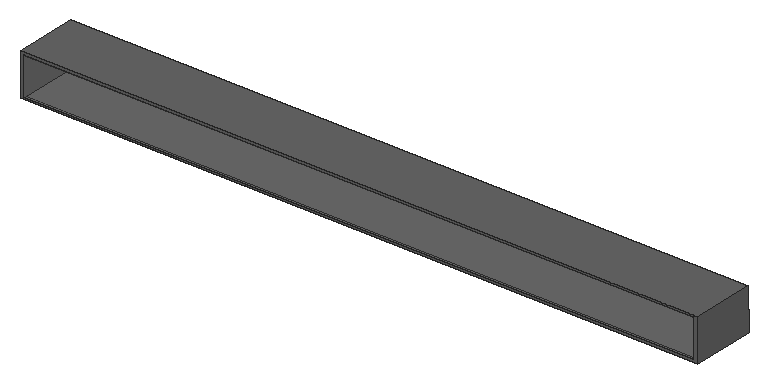
Revit family "MOD 3L-W-ID", category Lighting Fixtures, host Face, Revit 2021
Family settings
  Host = Face
  Round Connector Dimension = Use Diameter
  Part Type = Normal
  OmniClass Number = 23.80.70.11.14.17
  OmniClass Title = Direct/Indirect
  Cut with Voids When Loaded = No
  Light Source = No
  Shared = No
  Room Calculation Point = No
Parameters (values of type "Carbon Black")
  Watts = 10 W
  Wattage Comments = "10W"  # constant formula
  Voltage [instance] = 120 V
  URL = "https://www.currentlighting.com/litecontrol"
  Reflector Finish = White Glass
  Product Page URL = ""
  Product Material = Paint -  Carbon Black
  Product Documentation Link = ""
  Photometric Web = Web MOD 3L : 3L-W-ID-LPA-4-SOF-X-CX-35K-I100-D100
  Model = "3L-W-ID"  # constant formula
  Manufacturer = "LITECONTROL"  # constant formula
  Load Classification = Lighting
  Length [instance] = 4.000 ft
  Lamp = "LED"  # constant formula
  Description = "MOD™ 3 LED Wall Indirect/Direct"  # constant formula
  Default Elevation = 4.000 ft
  Connector Description = "Lighting Connector"  # constant formula
  Apparent Load = 25 VA
Types (7, lengths in ft): name | Product Material
  (no name) | Paint -  Carbon Black
  Textured Matte White | Paint -  Textured Matte White
  Matte White | Paint -  Matte White
  Light Silver | Paint - Light Silver
  Machined Aluminium | Paint -  Machined Aluminum
  Carbon Black | Paint -  Carbon Black
  Textured Camera Black | Paint -  Textured Camera Black
Reference planes (ft)
  plane 1 "Center (Front/Back)": y = 0
  plane 2: z = 0
  plane 3 "Center (Left/Right)": x = 0
Dimensions and locks (ft)
  aligned and locked: plane 2 to host face
  aligned and locked: level to host face
  aligned and locked: plane 3 "Center (Left/Right)" to nested 1
  aligned and locked: plane 1 "Center (Front/Back)" to nested 1
  aligned and locked: nested 2 to plane 3 "Center (Left/Right)"
  aligned and locked: nested 2 to nested 1
Nested families (ft)
  nested 1: "MOD 3L" at (0, 0, 0), Reflector Finish <- "Reflector Finish", Product Material <- "Product Material", Length <- "Length", type "8'"
    with Width 0.375 ft, Reflector Finish White Glass, Product Material Paint -  Carbon Black, Pendent Height 0.000 ft, Length 4.000 ft, Height 0.250 ft
  nested 2: "Web MOD 3L" at (0.003333, -0.1875, 0.144913) x (0, 0, 1) z (0, -1, 0), type <- "Photometric Web", type "3L-W-ID-LPA-4-SOF-X-CX-35K-I100-D100"
Connectors (ft)
  electrical at (0, 0.1875, 0.125), driven by "Voltage", driven by "Apparent Load", driven by "Load Classification"
    settings: on nested 1, index 1, voltage 120 V, apparent load 25 VA, apparent load phase1 0 VA, apparent load phase2 0 VA, apparent load phase3 0 VA, power factor 1, load classification "Lighting", number of poles 1, system type 30, power factor state 1, is connector primary yes, connector utility no, sub classification motor no, connector description "Lighting Connector"
Definition of nested family "MOD 3L"
  Parameters
    Width [instance] = 0.375 ft
    Wattage Comments = "17"
    Voltage = if(Is 120V, 120 V, 277 V)  # 120 V
    URL = "http://www.columbialighting.com/"
    Reflector Finish [instance] = none
    Product Page URL = "http://www.columbialighting.com/products/uc"
    Product Material [instance] = none
    Product Documentation Link = "http://cdn.columbialighting.com/content/products/specs/specs_files/uc.pdf"
    Pendent Height [instance] = 0.000 ft
    Pendant Material = none
    Model = "6-L-P-D"  # constant formula
    Manufacturer Phone = "781-294-0100"  # constant formula
    Manufacturer Fax = "781-293-2849"  # constant formula
    Manufacturer = "LITECONTROL"  # constant formula
    Load Classification = none
    Length [instance] = 8.000 ft
    Lamp = "24\" T8 Lamp"
    Is 277V = not(Is 120V)  # no
    Is 120V = yes
    Height [instance] = 0.250 ft
    Frequency = 60 Hz  # constant formula
    Description = "The MOD™x family is an affordably-priced, full-featured offering with best-in-class attention to detail."  # constant formula
    Default Elevation = 4.000 ft
    Connector Description = "Lighting Connector"  # constant formula
    Apparent Load = 25 VA
  Reference planes (ft)
    plane 1 "Center (Front/Back)": y = 0
    plane 2: z = 0
    plane 3 "Center (Left/Right)": x = 0
    plane 4: x = -4
    plane 5: x = 4
    plane 6: x = -3.979167
    plane 7: x = 3.979167
    plane 8: y = -0.1875
    plane 9: y = 0.1875
    plane 10: z = 0.25
    plane 11: z = 0
    plane 12: z = 0.125
    plane 13: x = 3.958333
    plane 14: x = -3.958333
    plane 15: z = 0.239583
    plane 16: y = -0.175
    plane 17: y = 0.175
  Forms (ft)
    Extrusion 1, solid
      sketch origin (0, 0, 0) x (1, 0, 0) y (0, 1, 0)
        loop
          line (-4, 4) -> (-4, -4) -> (4, -4) -> (4, 4) -> (-4, 4)
      from 0 to -0.104167
    Extrusion 2, solid, material <- "Product Material"
      sketch origin (0, 0, 0) x (0, 1, 0) y (0, 0, -1)
        loop
          line (0.1875, 0) -> (-0.1875, 0) -> (-0.1875, -0.25) -> (0.1875, -0.25) -> (0.1875, 0)
      from -4 to -3.979167
    Extrusion 3, solid, material <- "Product Material"
      sketch origin (-3.994792, 0, 0) x (0, 1, 0) y (0, 0, -1)
        loop
          line (0.1875, 0) -> (-0.1875, 0) -> (-0.1875, -0.25) -> (0.1875, -0.25) -> (0.1875, 0)
      from -0.015625 to 0.005208
    Sweep 4, solid, material <- "Product Material"
      path origin (0, 0, 0) x (1, 0, 0) y (0, 1, 0)
        loop
          line (-3.979167, 0) -> (3.979167, 0)
      profile origin (0, 0, 0) x (0, 1, 0) y (0, 0, 1)
        loop
          line (0.1875, 0) -> (0.1875, 0.25) -> (-0.1875, 0.25) -> (-0.1875, 0.239583) -> (0.175, 0.239583) -> (0.175, 0.011332) -> (-0.1875, 0.011332) -> (-0.1875, 0) -> (0.1875, 0)
    Extrusion 5, solid, material <- "Reflector Finish"
      sketch origin (-2.914942, -0.1875, 4) x (-1, 0, 0) y (0, 0, 1)
        loop
          line (1.064225, -3.760417) -> (-6.894109, -3.760417) -> (-6.894109, -3.988668) -> (1.064225, -3.988668) -> (1.064225, -3.760417)
      from 0 to 0.0125
  Cuts and joins
    joined: Extrusion 2, Extrusion 3, Sweep 4
  Dimensions and locks (ft)
    equal spacing: plane 4, plane 3 "Center (Left/Right)", plane 5
    "Length": plane 4 to plane 5
    locked: plane 4 to plane 6 at 0.020833
    locked: plane 7 to plane 5 at 0.020833
    equal spacing: plane 8, plane 1 "Center (Front/Back)", plane 9
    "Width": plane 9 to plane 8
    equal spacing: plane 10, plane 12, plane 11
    "Height": plane 10 to plane 11
    "Pendent Height": plane 11 to plane 2
    locked: Sweep 4 to plane 11 at 0
    locked: plane 4 to plane 14 at 0.041667
    locked: plane 13 to plane 5 at 0.041667
    plane 10 to plane 15 = 0.010417 ft
    plane 16 to plane 8 = 0.0125 ft
    locked: plane 9 to plane 17 at 0.0125
    aligned and locked: plane 2 to Extrusion 1
    aligned and locked: level to Extrusion 1
    aligned and locked: plane 5 to Extrusion 2
    aligned and locked: Extrusion 2 to plane 7
    aligned and locked: plane 1 "Center (Front/Back)" to Sweep 4 sketch curve
    aligned and locked: plane 6 to Sweep 4 sketch curve
    aligned and locked: plane 7 to Sweep 4 sketch curve
    aligned and locked: plane 10 to Extrusion 3
    aligned and locked: Extrusion 3 sketch curve to plane 11
    aligned and locked: Extrusion 3 sketch curve to plane 8
    aligned and locked: Extrusion 3 sketch curve to plane 9
    aligned and locked: Extrusion 2 sketch curve to plane 10
    aligned and locked: Extrusion 2 sketch curve to plane 11
    aligned and locked: Extrusion 2 sketch curve to plane 9
    aligned and locked: Extrusion 2 sketch curve to plane 8
    aligned and locked: Extrusion 3 to plane 4
    aligned and locked: Extrusion 3 to Sweep 4
    aligned and locked: Sweep 4 to Extrusion 2
    aligned and locked: plane 10 to Sweep 4 sketch curve
    aligned and locked: plane 6 to Extrusion 3
    aligned and locked: Sweep 4 sketch curve to cut or joined group of Extrusion 2, Extrusion 3, Sweep 4  (x2)
    aligned and locked: plane 15 to Sweep 4 sketch curve
    aligned and locked: Extrusion 5 sketch curve to cut or joined group of Extrusion 2, Extrusion 3, Sweep 4  (x4)
    aligned and locked: plane 16 to Extrusion 5
    aligned and locked: Sweep 4 sketch curve to plane 17
  Automatic sketch dimensions
    Extrusion 1 sketch curve to Extrusion 1 sketch curve = 8.000 ft  (x2)
    Extrusion 3 sketch curve to plane 10 = 0.000 ft
    Sweep 4 sketch curve to level = 0.000 ft
    level to Sweep 4 sketch curve = 0.011332 ft
    Sweep 4 sketch curve to Sweep 4 sketch curve = 0.000 ft
Definition of nested family "Web MOD 3L"
  Parameters
    Wattage Comments = ""
    Wattage = 10 W
    built-in parameter 1150110 = 1 (stored number, unit not read)
    URL = ""
    built-in parameter 1114217 = 1 (stored number, unit not read)
    Tilt Angle = -90.00°
    built-in parameter 1150109 = 1 (stored number, unit not read)
    built-in parameter 1150134 = (empty or 0)
    built-in parameter 1150113 = 1 (stored number, unit not read)
    Product Page URL = ""
    Product Documentation Link = ""
    Photometric Web File = "3L-W-ID-STD-4-SOF-X-CX-35K-I100-D100.IES"
    Model = ""
    Manufacturer Phone = "(864)-678-1000"
    Manufacturer Fax = "(866)-898-1065"
    Manufacturer = "Hubbell Lighting"
    built-in parameter 1150105 = 64.657 (stored number, unit not read)
    Lumens = 812.5 lm
    built-in parameter 1150115 = 1 (stored number, unit not read)
    built-in parameter 1150137 = (empty or 0)
    built-in parameter 1150139 = (empty or 0)
    built-in parameter 1150112 = 1 (stored number, unit not read)
    built-in parameter 1150114 = 1 (stored number, unit not read)
    Lamp = ""
    built-in parameter 1150132 = (empty or 0)
    built-in parameter 1150102 = (empty or 0)
    built-in parameter 1150107 = 3500 (stored number, unit not read)
    built-in parameter 1150138 = (empty or 0)
    built-in parameter 1150106 = 0.64657 (stored number, unit not read)
    Emit from Line Length = 0.250 ft
    built-in parameter 1150104 = 7.5484 (stored number, unit not read)
    Dimming Lamp Color Temperature Shift = (empty or 0)
    Description = ""
    Default Elevation = 4.000 ft
    Color Filter = 16777215
    built-in parameter 1114218 = 1 (stored number, unit not read)
    built-in parameter 1150133 = 10 (stored number, unit not read)
  Reference planes (ft)
    plane 1 "Center (Front/Back)": y = 0.003333
    plane 2: z = 0
    plane 3 "Center (Left/Right)": x = -0.019913
  Forms (ft)
    Extrusion 1, solid
      sketch origin (0, 0, 0.005297) x (1, 0, 0) y (0, 1, 0)
        loop
          line (-4, 4) -> (-4, -4) -> (4, -4) -> (4, 4) -> (-4, 4)
      from -0.005297 to -0.505297
  Lines and regions (ft)
    reference lines
      curve 1: line (-0.019913, 0.003333, 1.50954) -> (-0.019913, 0.003333, -1.907127)
      curve 2: line (-0.019913, 0.003333, 2.833333) -> (-0.019913, 0.003333, -1.907127)
      curve 3: line (-0.019913, 2.419999, 0) -> (-0.019913, -2.496667, 0)
      curve 4: line (-3.103247, 0.003333, 0) -> (3.396753, 0.003333, 0)
  Dimensions and locks (ft)
    aligned and locked: plane 2 to Extrusion 1
    aligned and locked: level to Extrusion 1
    aligned and locked: plane 3 "Center (Left/Right)" to imposter light
    aligned and locked: imposter light to plane 1 "Center (Front/Back)"
    aligned and locked: curve 1 to plane 3 "Center (Left/Right)"
    aligned and locked: plane 1 "Center (Front/Back)" to curve 2
    aligned and locked: curve 3 to plane 3 "Center (Left/Right)"
    aligned and locked: plane 1 "Center (Front/Back)" to curve 4
